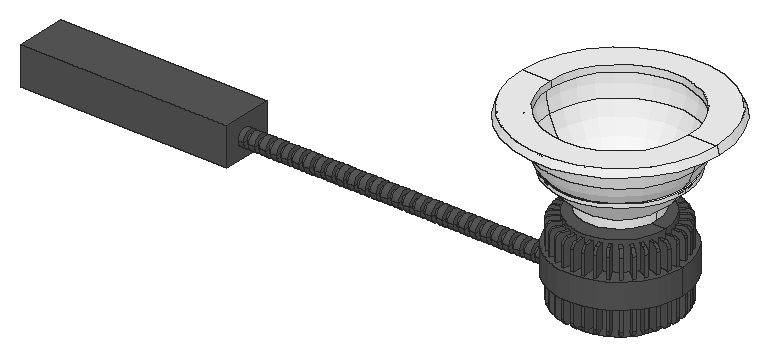
Revit family "LBRP-4RD", category Lighting Fixtures, host Face, Revit 2021
Family settings
  Host = Face
  Round Connector Dimension = Use Diameter
  Part Type = Normal
  OmniClass Number = 23.80.70.11.14.17
  OmniClass Title = Direct/Indirect
  Cut with Voids When Loaded = No
  Light Source = Yes
  Shared = Yes
  Room Calculation Point = No
Parameters (values of type "LBRP-4RD")
  Heat Sink = Black
  A = 4.15"
  Wattage = 9.6 W
  Warranty = "5-Years Warranty"
  built-in parameter 1150110 = 1 (stored number, unit not read)
  Voltage = 120 V
  D = 5.35"
  C = 0.20"
  built-in parameter 1114217 = 1 (stored number, unit not read)
  Tilt Angle = -90.00°
  built-in parameter 1150109 = 1 (stored number, unit not read)
  built-in parameter 1150134 = (empty or 0)
  built-in parameter 1150113 = 1 (stored number, unit not read)
  Product Documentation Link = ""
  Power Factor = 0.9
  Photometric Web Link = ""
  Photometric Web File = "LBRP-M-LSSLCS9_LBRP-4RD-T-D_3000K_800lm.IES"
  Photometric Notes = "More IES files download on Photometric Web Link"  # constant formula
  zz Length 1 = 48.00"
  Wattage Comments = " 8.2 - 11.5 W"  # constant formula
  URL = "https://www.currentlighting.com/prescolite"
  Product Page URL = ""
  Model = "LBRP"  # constant formula
  Manufacturer = "Prescolite Lighting"  # constant formula
  built-in parameter 1150105 = 66.463 (stored number, unit not read)
  Lumens = 835.2 lm
  built-in parameter 1150115 = 1 (stored number, unit not read)
  Load Classification = Lighting
  built-in parameter 1150137 = (empty or 0)
  built-in parameter 1150139 = (empty or 0)
  built-in parameter 1150112 = 1 (stored number, unit not read)
  built-in parameter 1150114 = 1 (stored number, unit not read)
  Lamp = "LED's"  # constant formula
  built-in parameter 1150132 = (empty or 0)
  built-in parameter 1150102 = (empty or 0)
  built-in parameter 1150107 = 3500 (stored number, unit not read)
  built-in parameter 1150138 = (empty or 0)
  built-in parameter 1150106 = 0.66463 (stored number, unit not read)
  Glass = White Glass
  Emit from Circle Diameter = A - 1.50"  # 2.65"
  Emit Shape Visible in Rendering = no
  built-in parameter 1150104 = 8.0826 (stored number, unit not read)
  Dimming Lamp Color Temperature Shift = <None>
  Description = "PRO CANLESS DIRECT INSTALL DOWNLIGHT\r"  # constant formula
  Default Elevation = 48.00"
  Contact Us = ""
  Color Filter = 16777215
  built-in parameter 1114218 = 1 (stored number, unit not read)
  Housing Material = Paint - Matte White
  B = 6.00"
  built-in parameter 1150133 = 10 (stored number, unit not read)
  Assembly Code = "D5020200"
  Apparent Load = 11.5 VA
Reference planes (in)
  plane 1 "Center (Front/Back)": y = 13.01342
  plane 2: z = 0
  plane 3 "Center (Left/Right)": x = 0
  plane 4: z = 0.2
  plane 5: z = -5.15
  plane 6: x = 3
  plane 7: x = -3
  plane 8: x = -2.075
  plane 9: x = 2.075
Forms (in)
  Revolve 1, solid, material "Paint - Matte White" <- "Housing Material"
    sketch origin (0, 13.01342, 0) x (1, 0, 0) y (0, 0, 1)
      loop
        arc (2.23317, 0) -> (2.19501, -0.35822) -> (2.10787, -0.70778) r 2.60995
        arc (2.10787, -0.70778) -> (1.68439, -1.50664) -> (1.01374, -2.11307) r 2.60995
        line (1.01374, -2.11307) -> (1.01374, -2.31765) -> (0.76374, -2.31765) -> (0.76374, -2.43481) -> (0, -2.43481) -> (0, -2.55197) -> (0.86374, -2.55197) -> (0.86374, -2.41765) -> (1.11374, -2.41765) -> (1.11374, -2.16765)
        arc (1.11374, -2.16765) -> (1.54124, -1.81947) -> (1.88942, -1.39198) r 2.70995
        line (1.88942, -1.39198) -> (1.95678, -1.39198) -> (1.95678, -1.2841) -> (1.90063, -1.2841)
        arc (1.90063, -1.2841) -> (2.07819, -1.02597) -> (2.203, -0.73861) r 1.62762
        arc (2.203, -0.73861) -> (2.2938, -0.37383) -> (2.33324, 0) r 2.70995
        line (2.33324, 0) -> (2.23317, 0)
      axis (0, 0) -> (0, -2.55197)
    angle from 0 to 360
  Revolve 2, solid, material "Paint - Matte White" <- "Housing Material"
    sketch origin (0, 13.01342, 0) x (1, 0, 0) y (0, 0, 1)
      loop
        line (2.075, 0.2) -> (2.075, 0) -> (3, 0) -> (2.90674, 0.2) -> (2.075, 0.2)
      axis (0, 0.2) -> (0, 0)
    angle from 0 to 360
  Revolve 3, solid, material "Black" <- "Heat Sink"
    sketch origin (0, 13.01342, 0) x (1, 0, 0) y (0, 0, 1)
      loop
        line (1.38083, -2.55197) -> (0.86374, -2.55197) -> (0, -2.55197) -> (0, -5.15) -> (1.38083, -5.15) -> (1.38083, -4.16486) -> (1.88083, -4.16486) -> (1.88083, -3.41486) -> (1.38083, -3.41486) -> (1.38083, -2.55197)
      axis (0, -2.55197) -> (0, -5.15)
    angle from 0 to 360
  Extrusion 4, solid, material "Black" <- "Heat Sink"
    sketch origin (0, 13.01342, 0) x (1, 0, 0) y (0, 0, 1)
      loop
        line (1.38083, -3.41486) -> (1.75583, -3.41486) -> (1.75583, -2.82939)
        arc (1.75583, -2.82939) -> (1.70764, -2.71305) -> (1.5913, -2.66486) r 0.16453
        line (1.5913, -2.66486) -> (1.38083, -2.66486) -> (1.38083, -3.41486)
      loop
        line (1.38083, -4.16434) -> (1.38083, -4.97684) -> (1.5913, -4.97684)
        arc (1.5913, -4.97684) -> (1.70764, -4.92865) -> (1.75583, -4.81231) r 0.16453
        line (1.75583, -4.81231) -> (1.75583, -4.16434) -> (1.38083, -4.16434)
    from -0.0248 to 0.04965
  Extrusion 5, solid, material "Black" <- "Heat Sink"
    sketch origin (0, 13.01342, 0) x (0.984808, -0.173648, 0) y (0, 0, 1)
      loop
        line (1.38083, -3.41486) -> (1.75583, -3.41486) -> (1.75583, -2.82939)
        arc (1.75583, -2.82939) -> (1.70764, -2.71305) -> (1.5913, -2.66486) r 0.16453
        line (1.5913, -2.66486) -> (1.38083, -2.66486) -> (1.38083, -3.41486)
      loop
        line (1.38083, -4.16434) -> (1.38083, -4.97684) -> (1.5913, -4.97684)
        arc (1.5913, -4.97684) -> (1.70764, -4.92865) -> (1.75583, -4.81231) r 0.16453
        line (1.75583, -4.81231) -> (1.75583, -4.16434) -> (1.38083, -4.16434)
    from -0.0248 to 0.04965
  Extrusion 6, solid, material "Black" <- "Heat Sink"
    sketch origin (0, 13.01342, 0) x (0.939693, -0.34202, 0) y (0, 0, 1)
      loop
        line (1.38083, -3.41486) -> (1.75583, -3.41486) -> (1.75583, -2.82939)
        arc (1.75583, -2.82939) -> (1.70764, -2.71305) -> (1.5913, -2.66486) r 0.16453
        line (1.5913, -2.66486) -> (1.38083, -2.66486) -> (1.38083, -3.41486)
      loop
        line (1.38083, -4.16434) -> (1.38083, -4.97684) -> (1.5913, -4.97684)
        arc (1.5913, -4.97684) -> (1.70764, -4.92865) -> (1.75583, -4.81231) r 0.16453
        line (1.75583, -4.81231) -> (1.75583, -4.16434) -> (1.38083, -4.16434)
    from -0.0248 to 0.04965
  Extrusion 7, solid, material "Black" <- "Heat Sink"
    sketch origin (0, 13.01342, 0) x (0.866025, -0.5, 0) y (0, 0, 1)
      loop
        line (1.38083, -3.41486) -> (1.75583, -3.41486) -> (1.75583, -2.82939)
        arc (1.75583, -2.82939) -> (1.70764, -2.71305) -> (1.5913, -2.66486) r 0.16453
        line (1.5913, -2.66486) -> (1.38083, -2.66486) -> (1.38083, -3.41486)
      loop
        line (1.38083, -4.16434) -> (1.38083, -4.97684) -> (1.5913, -4.97684)
        arc (1.5913, -4.97684) -> (1.70764, -4.92865) -> (1.75583, -4.81231) r 0.16453
        line (1.75583, -4.81231) -> (1.75583, -4.16434) -> (1.38083, -4.16434)
    from -0.0248 to 0.04965
  Extrusion 8, solid, material "Black" <- "Heat Sink"
    sketch origin (0, 13.01342, 0) x (0.766044, -0.642788, 0) y (0, 0, 1)
      loop
        line (1.38083, -3.41486) -> (1.75583, -3.41486) -> (1.75583, -2.82939)
        arc (1.75583, -2.82939) -> (1.70764, -2.71305) -> (1.5913, -2.66486) r 0.16453
        line (1.5913, -2.66486) -> (1.38083, -2.66486) -> (1.38083, -3.41486)
      loop
        line (1.38083, -4.16434) -> (1.38083, -4.97684) -> (1.5913, -4.97684)
        arc (1.5913, -4.97684) -> (1.70764, -4.92865) -> (1.75583, -4.81231) r 0.16453
        line (1.75583, -4.81231) -> (1.75583, -4.16434) -> (1.38083, -4.16434)
    from -0.0248 to 0.04965
  Extrusion 9, solid, material "Black" <- "Heat Sink"
    sketch origin (0, 13.01342, 0) x (0.642788, -0.766044, 0) y (0, 0, 1)
      loop
        line (1.38083, -3.41486) -> (1.75583, -3.41486) -> (1.75583, -2.82939)
        arc (1.75583, -2.82939) -> (1.70764, -2.71305) -> (1.5913, -2.66486) r 0.16453
        line (1.5913, -2.66486) -> (1.38083, -2.66486) -> (1.38083, -3.41486)
      loop
        line (1.38083, -4.16434) -> (1.38083, -4.97684) -> (1.5913, -4.97684)
        arc (1.5913, -4.97684) -> (1.70764, -4.92865) -> (1.75583, -4.81231) r 0.16453
        line (1.75583, -4.81231) -> (1.75583, -4.16434) -> (1.38083, -4.16434)
    from -0.0248 to 0.04965
  Extrusion 10, solid, material "Black" <- "Heat Sink"
    sketch origin (0, 13.01342, 0) x (0.5, -0.866025, 0) y (0, 0, 1)
      loop
        line (1.38083, -3.41486) -> (1.75583, -3.41486) -> (1.75583, -2.82939)
        arc (1.75583, -2.82939) -> (1.70764, -2.71305) -> (1.5913, -2.66486) r 0.16453
        line (1.5913, -2.66486) -> (1.38083, -2.66486) -> (1.38083, -3.41486)
      loop
        line (1.38083, -4.16434) -> (1.38083, -4.97684) -> (1.5913, -4.97684)
        arc (1.5913, -4.97684) -> (1.70764, -4.92865) -> (1.75583, -4.81231) r 0.16453
        line (1.75583, -4.81231) -> (1.75583, -4.16434) -> (1.38083, -4.16434)
    from -0.0248 to 0.04965
  Extrusion 11, solid, material "Black" <- "Heat Sink"
    sketch origin (0, 13.01342, 0) x (0.34202, -0.939693, 0) y (0, 0, 1)
      loop
        line (1.38083, -3.41486) -> (1.75583, -3.41486) -> (1.75583, -2.82939)
        arc (1.75583, -2.82939) -> (1.70764, -2.71305) -> (1.5913, -2.66486) r 0.16453
        line (1.5913, -2.66486) -> (1.38083, -2.66486) -> (1.38083, -3.41486)
      loop
        line (1.38083, -4.16434) -> (1.38083, -4.97684) -> (1.5913, -4.97684)
        arc (1.5913, -4.97684) -> (1.70764, -4.92865) -> (1.75583, -4.81231) r 0.16453
        line (1.75583, -4.81231) -> (1.75583, -4.16434) -> (1.38083, -4.16434)
    from -0.0248 to 0.04965
  Extrusion 12, solid, material "Black" <- "Heat Sink"
    sketch origin (0, 13.01342, 0) x (0.173648, -0.984808, 0) y (0, 0, 1)
      loop
        line (1.38083, -3.41486) -> (1.75583, -3.41486) -> (1.75583, -2.82939)
        arc (1.75583, -2.82939) -> (1.70764, -2.71305) -> (1.5913, -2.66486) r 0.16453
        line (1.5913, -2.66486) -> (1.38083, -2.66486) -> (1.38083, -3.41486)
      loop
        line (1.38083, -4.16434) -> (1.38083, -4.97684) -> (1.5913, -4.97684)
        arc (1.5913, -4.97684) -> (1.70764, -4.92865) -> (1.75583, -4.81231) r 0.16453
        line (1.75583, -4.81231) -> (1.75583, -4.16434) -> (1.38083, -4.16434)
    from -0.0248 to 0.04965
  Extrusion 13, solid, material "Black" <- "Heat Sink"
    sketch origin (0, 13.01342, 0) x (0, -1, 0) y (0, 0, 1)
      loop
        line (1.38083, -3.41486) -> (1.75583, -3.41486) -> (1.75583, -2.82939)
        arc (1.75583, -2.82939) -> (1.70764, -2.71305) -> (1.5913, -2.66486) r 0.16453
        line (1.5913, -2.66486) -> (1.38083, -2.66486) -> (1.38083, -3.41486)
      loop
        line (1.38083, -4.16434) -> (1.38083, -4.97684) -> (1.5913, -4.97684)
        arc (1.5913, -4.97684) -> (1.70764, -4.92865) -> (1.75583, -4.81231) r 0.16453
        line (1.75583, -4.81231) -> (1.75583, -4.16434) -> (1.38083, -4.16434)
    from -0.0248 to 0.04965
  Extrusion 14, solid, material "Black" <- "Heat Sink"
    sketch origin (0, 13.01342, 0) x (-0.173648, -0.984808, 0) y (0, 0, 1)
      loop
        line (1.38083, -3.41486) -> (1.75583, -3.41486) -> (1.75583, -2.82939)
        arc (1.75583, -2.82939) -> (1.70764, -2.71305) -> (1.5913, -2.66486) r 0.16453
        line (1.5913, -2.66486) -> (1.38083, -2.66486) -> (1.38083, -3.41486)
      loop
        line (1.38083, -4.16434) -> (1.38083, -4.97684) -> (1.5913, -4.97684)
        arc (1.5913, -4.97684) -> (1.70764, -4.92865) -> (1.75583, -4.81231) r 0.16453
        line (1.75583, -4.81231) -> (1.75583, -4.16434) -> (1.38083, -4.16434)
    from -0.0248 to 0.04965
  Extrusion 15, solid, material "Black" <- "Heat Sink"
    sketch origin (0, 13.01342, 0) x (-0.34202, -0.939693, 0) y (0, 0, 1)
      loop
        line (1.38083, -3.41486) -> (1.75583, -3.41486) -> (1.75583, -2.82939)
        arc (1.75583, -2.82939) -> (1.70764, -2.71305) -> (1.5913, -2.66486) r 0.16453
        line (1.5913, -2.66486) -> (1.38083, -2.66486) -> (1.38083, -3.41486)
      loop
        line (1.38083, -4.16434) -> (1.38083, -4.97684) -> (1.5913, -4.97684)
        arc (1.5913, -4.97684) -> (1.70764, -4.92865) -> (1.75583, -4.81231) r 0.16453
        line (1.75583, -4.81231) -> (1.75583, -4.16434) -> (1.38083, -4.16434)
    from -0.0248 to 0.04965
  Extrusion 16, solid, material "Black" <- "Heat Sink"
    sketch origin (0, 13.01342, 0) x (-0.5, -0.866025, 0) y (0, 0, 1)
      loop
        line (1.38083, -3.41486) -> (1.75583, -3.41486) -> (1.75583, -2.82939)
        arc (1.75583, -2.82939) -> (1.70764, -2.71305) -> (1.5913, -2.66486) r 0.16453
        line (1.5913, -2.66486) -> (1.38083, -2.66486) -> (1.38083, -3.41486)
      loop
        line (1.38083, -4.16434) -> (1.38083, -4.97684) -> (1.5913, -4.97684)
        arc (1.5913, -4.97684) -> (1.70764, -4.92865) -> (1.75583, -4.81231) r 0.16453
        line (1.75583, -4.81231) -> (1.75583, -4.16434) -> (1.38083, -4.16434)
    from -0.0248 to 0.04965
  Extrusion 17, solid, material "Black" <- "Heat Sink"
    sketch origin (0, 13.01342, 0) x (-0.642788, -0.766044, 0) y (0, 0, 1)
      loop
        line (1.38083, -3.41486) -> (1.75583, -3.41486) -> (1.75583, -2.82939)
        arc (1.75583, -2.82939) -> (1.70764, -2.71305) -> (1.5913, -2.66486) r 0.16453
        line (1.5913, -2.66486) -> (1.38083, -2.66486) -> (1.38083, -3.41486)
      loop
        line (1.38083, -4.16434) -> (1.38083, -4.97684) -> (1.5913, -4.97684)
        arc (1.5913, -4.97684) -> (1.70764, -4.92865) -> (1.75583, -4.81231) r 0.16453
        line (1.75583, -4.81231) -> (1.75583, -4.16434) -> (1.38083, -4.16434)
    from -0.0248 to 0.04965
  Extrusion 18, solid, material "Black" <- "Heat Sink"
    sketch origin (0, 13.01342, 0) x (-0.766044, -0.642788, 0) y (0, 0, 1)
      loop
        line (1.38083, -3.41486) -> (1.75583, -3.41486) -> (1.75583, -2.82939)
        arc (1.75583, -2.82939) -> (1.70764, -2.71305) -> (1.5913, -2.66486) r 0.16453
        line (1.5913, -2.66486) -> (1.38083, -2.66486) -> (1.38083, -3.41486)
      loop
        line (1.38083, -4.16434) -> (1.38083, -4.97684) -> (1.5913, -4.97684)
        arc (1.5913, -4.97684) -> (1.70764, -4.92865) -> (1.75583, -4.81231) r 0.16453
        line (1.75583, -4.81231) -> (1.75583, -4.16434) -> (1.38083, -4.16434)
    from -0.0248 to 0.04965
  Extrusion 19, solid, material "Black" <- "Heat Sink"
    sketch origin (0, 13.01342, 0) x (-0.866025, -0.5, 0) y (0, 0, 1)
      loop
        line (1.38083, -3.41486) -> (1.75583, -3.41486) -> (1.75583, -2.82939)
        arc (1.75583, -2.82939) -> (1.70764, -2.71305) -> (1.5913, -2.66486) r 0.16453
        line (1.5913, -2.66486) -> (1.38083, -2.66486) -> (1.38083, -3.41486)
      loop
        line (1.38083, -4.16434) -> (1.38083, -4.97684) -> (1.5913, -4.97684)
        arc (1.5913, -4.97684) -> (1.70764, -4.92865) -> (1.75583, -4.81231) r 0.16453
        line (1.75583, -4.81231) -> (1.75583, -4.16434) -> (1.38083, -4.16434)
    from -0.0248 to 0.04965
  Extrusion 20, solid, material "Black" <- "Heat Sink"
    sketch origin (0, 13.01342, 0) x (-1, 0, 0) y (0, 0, -1)
      loop
        line (1.38083, 3.41486) -> (1.38083, 2.66486) -> (1.5913, 2.66486)
        arc (1.5913, 2.66486) -> (1.70764, 2.71305) -> (1.75583, 2.82939) r 0.16453
        line (1.75583, 2.82939) -> (1.75583, 3.41486) -> (1.38083, 3.41486)
      loop
        line (1.38083, 4.16434) -> (1.75583, 4.16434) -> (1.75583, 4.81231)
        arc (1.75583, 4.81231) -> (1.70764, 4.92865) -> (1.5913, 4.97684) r 0.16453
        line (1.5913, 4.97684) -> (1.38083, 4.97684) -> (1.38083, 4.16434)
    from -0.0248 to 0.04965
  Extrusion 21, solid, material "Black" <- "Heat Sink"
    sketch origin (0, 13.01342, 0) x (-0.984808, -0.173648, 0) y (0, 0, -1)
      loop
        line (1.38083, 3.41486) -> (1.38083, 2.66486) -> (1.5913, 2.66486)
        arc (1.5913, 2.66486) -> (1.70764, 2.71305) -> (1.75583, 2.82939) r 0.16453
        line (1.75583, 2.82939) -> (1.75583, 3.41486) -> (1.38083, 3.41486)
      loop
        line (1.38083, 4.16434) -> (1.75583, 4.16434) -> (1.75583, 4.81231)
        arc (1.75583, 4.81231) -> (1.70764, 4.92865) -> (1.5913, 4.97684) r 0.16453
        line (1.5913, 4.97684) -> (1.38083, 4.97684) -> (1.38083, 4.16434)
    from -0.0248 to 0.04965
  Extrusion 22, solid, material "Black" <- "Heat Sink"
    sketch origin (0, 13.01342, 0) x (-0.939693, -0.34202, 0) y (0, 0, -1)
      loop
        line (1.38083, 3.41486) -> (1.38083, 2.66486) -> (1.5913, 2.66486)
        arc (1.5913, 2.66486) -> (1.70764, 2.71305) -> (1.75583, 2.82939) r 0.16453
        line (1.75583, 2.82939) -> (1.75583, 3.41486) -> (1.38083, 3.41486)
      loop
        line (1.38083, 4.16434) -> (1.75583, 4.16434) -> (1.75583, 4.81231)
        arc (1.75583, 4.81231) -> (1.70764, 4.92865) -> (1.5913, 4.97684) r 0.16453
        line (1.5913, 4.97684) -> (1.38083, 4.97684) -> (1.38083, 4.16434)
    from -0.0248 to 0.04965
  Extrusion 23, solid, material "Black" <- "Heat Sink"
    sketch origin (0, 13.01342, 0) x (0.984808, 0.173648, 0) y (0, 0, -1)
      loop
        line (1.38083, 3.41486) -> (1.38083, 2.66486) -> (1.5913, 2.66486)
        arc (1.5913, 2.66486) -> (1.70764, 2.71305) -> (1.75583, 2.82939) r 0.16453
        line (1.75583, 2.82939) -> (1.75583, 3.41486) -> (1.38083, 3.41486)
      loop
        line (1.38083, 4.16434) -> (1.75583, 4.16434) -> (1.75583, 4.81231)
        arc (1.75583, 4.81231) -> (1.70764, 4.92865) -> (1.5913, 4.97684) r 0.16453
        line (1.5913, 4.97684) -> (1.38083, 4.97684) -> (1.38083, 4.16434)
    from -0.0248 to 0.04965
  Extrusion 24, solid, material "Black" <- "Heat Sink"
    sketch origin (0, 13.01342, 0) x (0.939693, 0.34202, 0) y (0, 0, -1)
      loop
        line (1.38083, 3.41486) -> (1.38083, 2.66486) -> (1.5913, 2.66486)
        arc (1.5913, 2.66486) -> (1.70764, 2.71305) -> (1.75583, 2.82939) r 0.16453
        line (1.75583, 2.82939) -> (1.75583, 3.41486) -> (1.38083, 3.41486)
      loop
        line (1.38083, 4.16434) -> (1.75583, 4.16434) -> (1.75583, 4.81231)
        arc (1.75583, 4.81231) -> (1.70764, 4.92865) -> (1.5913, 4.97684) r 0.16453
        line (1.5913, 4.97684) -> (1.38083, 4.97684) -> (1.38083, 4.16434)
    from -0.0248 to 0.04965
  Extrusion 25, solid, material "Black" <- "Heat Sink"
    sketch origin (0, 13.01342, 0) x (0.866025, 0.5, 0) y (0, 0, -1)
      loop
        line (1.38083, 3.41486) -> (1.38083, 2.66486) -> (1.5913, 2.66486)
        arc (1.5913, 2.66486) -> (1.70764, 2.71305) -> (1.75583, 2.82939) r 0.16453
        line (1.75583, 2.82939) -> (1.75583, 3.41486) -> (1.38083, 3.41486)
      loop
        line (1.38083, 4.16434) -> (1.75583, 4.16434) -> (1.75583, 4.81231)
        arc (1.75583, 4.81231) -> (1.70764, 4.92865) -> (1.5913, 4.97684) r 0.16453
        line (1.5913, 4.97684) -> (1.38083, 4.97684) -> (1.38083, 4.16434)
    from -0.0248 to 0.04965
  Extrusion 26, solid, material "Black" <- "Heat Sink"
    sketch origin (0, 13.01342, 0) x (0.766044, 0.642788, 0) y (0, 0, -1)
      loop
        line (1.38083, 3.41486) -> (1.38083, 2.66486) -> (1.5913, 2.66486)
        arc (1.5913, 2.66486) -> (1.70764, 2.71305) -> (1.75583, 2.82939) r 0.16453
        line (1.75583, 2.82939) -> (1.75583, 3.41486) -> (1.38083, 3.41486)
      loop
        line (1.38083, 4.16434) -> (1.75583, 4.16434) -> (1.75583, 4.81231)
        arc (1.75583, 4.81231) -> (1.70764, 4.92865) -> (1.5913, 4.97684) r 0.16453
        line (1.5913, 4.97684) -> (1.38083, 4.97684) -> (1.38083, 4.16434)
    from -0.0248 to 0.04965
  Extrusion 27, solid, material "Black" <- "Heat Sink"
    sketch origin (0, 13.01342, 0) x (0.642788, 0.766044, 0) y (0, 0, -1)
      loop
        line (1.38083, 3.41486) -> (1.38083, 2.66486) -> (1.5913, 2.66486)
        arc (1.5913, 2.66486) -> (1.70764, 2.71305) -> (1.75583, 2.82939) r 0.16453
        line (1.75583, 2.82939) -> (1.75583, 3.41486) -> (1.38083, 3.41486)
      loop
        line (1.38083, 4.16434) -> (1.75583, 4.16434) -> (1.75583, 4.81231)
        arc (1.75583, 4.81231) -> (1.70764, 4.92865) -> (1.5913, 4.97684) r 0.16453
        line (1.5913, 4.97684) -> (1.38083, 4.97684) -> (1.38083, 4.16434)
    from -0.0248 to 0.04965
  Extrusion 28, solid, material "Black" <- "Heat Sink"
    sketch origin (0, 13.01342, 0) x (0.5, 0.866025, 0) y (0, 0, -1)
      loop
        line (1.38083, 3.41486) -> (1.38083, 2.66486) -> (1.5913, 2.66486)
        arc (1.5913, 2.66486) -> (1.70764, 2.71305) -> (1.75583, 2.82939) r 0.16453
        line (1.75583, 2.82939) -> (1.75583, 3.41486) -> (1.38083, 3.41486)
      loop
        line (1.38083, 4.16434) -> (1.75583, 4.16434) -> (1.75583, 4.81231)
        arc (1.75583, 4.81231) -> (1.70764, 4.92865) -> (1.5913, 4.97684) r 0.16453
        line (1.5913, 4.97684) -> (1.38083, 4.97684) -> (1.38083, 4.16434)
    from -0.0248 to 0.04965
  Extrusion 29, solid, material "Black" <- "Heat Sink"
    sketch origin (0, 13.01342, 0) x (0.34202, 0.939693, 0) y (0, 0, -1)
      loop
        line (1.38083, 3.41486) -> (1.38083, 2.66486) -> (1.5913, 2.66486)
        arc (1.5913, 2.66486) -> (1.70764, 2.71305) -> (1.75583, 2.82939) r 0.16453
        line (1.75583, 2.82939) -> (1.75583, 3.41486) -> (1.38083, 3.41486)
      loop
        line (1.38083, 4.16434) -> (1.75583, 4.16434) -> (1.75583, 4.81231)
        arc (1.75583, 4.81231) -> (1.70764, 4.92865) -> (1.5913, 4.97684) r 0.16453
        line (1.5913, 4.97684) -> (1.38083, 4.97684) -> (1.38083, 4.16434)
    from -0.0248 to 0.04965
  Extrusion 30, solid, material "Black" <- "Heat Sink"
    sketch origin (0, 13.01342, 0) x (0.173648, 0.984808, 0) y (0, 0, -1)
      loop
        line (1.38083, 3.41486) -> (1.38083, 2.66486) -> (1.5913, 2.66486)
        arc (1.5913, 2.66486) -> (1.70764, 2.71305) -> (1.75583, 2.82939) r 0.16453
        line (1.75583, 2.82939) -> (1.75583, 3.41486) -> (1.38083, 3.41486)
      loop
        line (1.38083, 4.16434) -> (1.75583, 4.16434) -> (1.75583, 4.81231)
        arc (1.75583, 4.81231) -> (1.70764, 4.92865) -> (1.5913, 4.97684) r 0.16453
        line (1.5913, 4.97684) -> (1.38083, 4.97684) -> (1.38083, 4.16434)
    from -0.0248 to 0.04965
  Extrusion 31, solid, material "Black" <- "Heat Sink"
    sketch origin (0, 13.01342, 0) x (0, 1, 0) y (0, 0, -1)
      loop
        line (1.38083, 3.41486) -> (1.38083, 2.66486) -> (1.5913, 2.66486)
        arc (1.5913, 2.66486) -> (1.70764, 2.71305) -> (1.75583, 2.82939) r 0.16453
        line (1.75583, 2.82939) -> (1.75583, 3.41486) -> (1.38083, 3.41486)
      loop
        line (1.38083, 4.16434) -> (1.75583, 4.16434) -> (1.75583, 4.81231)
        arc (1.75583, 4.81231) -> (1.70764, 4.92865) -> (1.5913, 4.97684) r 0.16453
        line (1.5913, 4.97684) -> (1.38083, 4.97684) -> (1.38083, 4.16434)
    from -0.0248 to 0.04965
  Extrusion 32, solid, material "Black" <- "Heat Sink"
    sketch origin (0, 13.01342, 0) x (-0.173648, 0.984808, 0) y (0, 0, -1)
      loop
        line (1.38083, 3.41486) -> (1.38083, 2.66486) -> (1.5913, 2.66486)
        arc (1.5913, 2.66486) -> (1.70764, 2.71305) -> (1.75583, 2.82939) r 0.16453
        line (1.75583, 2.82939) -> (1.75583, 3.41486) -> (1.38083, 3.41486)
      loop
        line (1.38083, 4.16434) -> (1.75583, 4.16434) -> (1.75583, 4.81231)
        arc (1.75583, 4.81231) -> (1.70764, 4.92865) -> (1.5913, 4.97684) r 0.16453
        line (1.5913, 4.97684) -> (1.38083, 4.97684) -> (1.38083, 4.16434)
    from -0.0248 to 0.04965
  Extrusion 33, solid, material "Black" <- "Heat Sink"
    sketch origin (0, 13.01342, 0) x (-0.34202, 0.939693, 0) y (0, 0, -1)
      loop
        line (1.38083, 3.41486) -> (1.38083, 2.66486) -> (1.5913, 2.66486)
        arc (1.5913, 2.66486) -> (1.70764, 2.71305) -> (1.75583, 2.82939) r 0.16453
        line (1.75583, 2.82939) -> (1.75583, 3.41486) -> (1.38083, 3.41486)
      loop
        line (1.38083, 4.16434) -> (1.75583, 4.16434) -> (1.75583, 4.81231)
        arc (1.75583, 4.81231) -> (1.70764, 4.92865) -> (1.5913, 4.97684) r 0.16453
        line (1.5913, 4.97684) -> (1.38083, 4.97684) -> (1.38083, 4.16434)
    from -0.0248 to 0.04965
  Extrusion 34, solid, material "Black" <- "Heat Sink"
    sketch origin (0, 13.01342, 0) x (-0.5, 0.866025, 0) y (0, 0, -1)
      loop
        line (1.38083, 3.41486) -> (1.38083, 2.66486) -> (1.5913, 2.66486)
        arc (1.5913, 2.66486) -> (1.70764, 2.71305) -> (1.75583, 2.82939) r 0.16453
        line (1.75583, 2.82939) -> (1.75583, 3.41486) -> (1.38083, 3.41486)
      loop
        line (1.38083, 4.16434) -> (1.75583, 4.16434) -> (1.75583, 4.81231)
        arc (1.75583, 4.81231) -> (1.70764, 4.92865) -> (1.5913, 4.97684) r 0.16453
        line (1.5913, 4.97684) -> (1.38083, 4.97684) -> (1.38083, 4.16434)
    from -0.0248 to 0.04965
  Extrusion 35, solid, material "Black" <- "Heat Sink"
    sketch origin (0, 13.01342, 0) x (-0.642788, 0.766044, 0) y (0, 0, -1)
      loop
        line (1.38083, 3.41486) -> (1.38083, 2.66486) -> (1.5913, 2.66486)
        arc (1.5913, 2.66486) -> (1.70764, 2.71305) -> (1.75583, 2.82939) r 0.16453
        line (1.75583, 2.82939) -> (1.75583, 3.41486) -> (1.38083, 3.41486)
      loop
        line (1.38083, 4.16434) -> (1.75583, 4.16434) -> (1.75583, 4.81231)
        arc (1.75583, 4.81231) -> (1.70764, 4.92865) -> (1.5913, 4.97684) r 0.16453
        line (1.5913, 4.97684) -> (1.38083, 4.97684) -> (1.38083, 4.16434)
    from -0.0248 to 0.04965
  Extrusion 36, solid, material "Black" <- "Heat Sink"
    sketch origin (0, 13.01342, 0) x (-0.766044, 0.642788, 0) y (0, 0, -1)
      loop
        line (1.38083, 3.41486) -> (1.38083, 2.66486) -> (1.5913, 2.66486)
        arc (1.5913, 2.66486) -> (1.70764, 2.71305) -> (1.75583, 2.82939) r 0.16453
        line (1.75583, 2.82939) -> (1.75583, 3.41486) -> (1.38083, 3.41486)
      loop
        line (1.38083, 4.16434) -> (1.75583, 4.16434) -> (1.75583, 4.81231)
        arc (1.75583, 4.81231) -> (1.70764, 4.92865) -> (1.5913, 4.97684) r 0.16453
        line (1.5913, 4.97684) -> (1.38083, 4.97684) -> (1.38083, 4.16434)
    from -0.0248 to 0.04965
  Extrusion 37, solid, material "Black" <- "Heat Sink"
    sketch origin (0, 13.01342, 0) x (-0.866025, 0.5, 0) y (0, 0, -1)
      loop
        line (1.38083, 3.41486) -> (1.38083, 2.66486) -> (1.5913, 2.66486)
        arc (1.5913, 2.66486) -> (1.70764, 2.71305) -> (1.75583, 2.82939) r 0.16453
        line (1.75583, 2.82939) -> (1.75583, 3.41486) -> (1.38083, 3.41486)
      loop
        line (1.38083, 4.16434) -> (1.75583, 4.16434) -> (1.75583, 4.81231)
        arc (1.75583, 4.81231) -> (1.70764, 4.92865) -> (1.5913, 4.97684) r 0.16453
        line (1.5913, 4.97684) -> (1.38083, 4.97684) -> (1.38083, 4.16434)
    from -0.0248 to 0.04965
  Extrusion 38, solid, material "Black" <- "Heat Sink"
    sketch origin (0, 13.01342, 0) x (-0.984808, 0.173648, 0) y (0, 0, 1)
      loop
        line (1.38083, -3.41486) -> (1.75583, -3.41486) -> (1.75583, -2.82939)
        arc (1.75583, -2.82939) -> (1.70764, -2.71305) -> (1.5913, -2.66486) r 0.16453
        line (1.5913, -2.66486) -> (1.38083, -2.66486) -> (1.38083, -3.41486)
      loop
        line (1.38083, -4.16434) -> (1.38083, -4.97684) -> (1.5913, -4.97684)
        arc (1.5913, -4.97684) -> (1.70764, -4.92865) -> (1.75583, -4.81231) r 0.16453
        line (1.75583, -4.81231) -> (1.75583, -4.16434) -> (1.38083, -4.16434)
    from -0.0248 to 0.04965
  Extrusion 39, solid, material "Black" <- "Heat Sink"
    sketch origin (0, 13.01342, 0) x (-0.939693, 0.34202, 0) y (0, 0, 1)
      loop
        line (1.38083, -3.41486) -> (1.75583, -3.41486) -> (1.75583, -2.82939)
        arc (1.75583, -2.82939) -> (1.70764, -2.71305) -> (1.5913, -2.66486) r 0.16453
        line (1.5913, -2.66486) -> (1.38083, -2.66486) -> (1.38083, -3.41486)
      loop
        line (1.38083, -4.16434) -> (1.38083, -4.97684) -> (1.5913, -4.97684)
        arc (1.5913, -4.97684) -> (1.70764, -4.92865) -> (1.75583, -4.81231) r 0.16453
        line (1.75583, -4.81231) -> (1.75583, -4.16434) -> (1.38083, -4.16434)
    from -0.0248 to 0.04965
  Revolve 40, solid, material "Black" <- "Heat Sink"
    sketch origin (1.1875, 0, -4.5) x (1, 0, 0) y (0, 1, 0)
      loop
        line (-12.40674, 13.01342) -> (-2.88494, 13.01342) -> (-2.88494, 13.16148) -> (-2.98144, 13.16148) -> (-2.98144, 13.26342) -> (-3.1692, 13.26342) -> (-3.1692, 13.16148) -> (-3.31136, 13.16148) -> (-3.31136, 13.26342) -> (-3.49911, 13.26342) -> (-3.49911, 13.16148) -> (-3.64127, 13.16148) -> (-3.64127, 13.26342) -> (-3.82902, 13.26342) -> (-3.82902, 13.16148) -> (-3.97118, 13.16148) -> (-3.97118, 13.26342) -> (-4.15894, 13.26342) -> (-4.15894, 13.16148) -> (-4.30109, 13.16148) -> (-4.30109, 13.26342) -> (-4.48885, 13.26342) -> (-4.48885, 13.16148) -> (-4.63101, 13.16148) -> (-4.63101, 13.26342) -> (-4.81876, 13.26342) -> (-4.81876, 13.16148) -> (-4.96092, 13.16148) -> (-4.96092, 13.26342) -> (-5.14867, 13.26342) -> (-5.14867, 13.16148) -> (-5.29083, 13.16148) -> (-5.29083, 13.26342) -> (-5.47859, 13.26342) -> (-5.47859, 13.16148) -> (-5.62074, 13.16148) -> (-5.62074, 13.26342) -> (-5.8085, 13.26342) -> (-5.8085, 13.16148) -> (-5.95065, 13.16148) -> (-5.95065, 13.26342) -> (-6.13841, 13.26342) -> (-6.13841, 13.16148) -> (-6.28057, 13.16148) -> (-6.28057, 13.26342) -> (-6.46832, 13.26342) -> (-6.46832, 13.16148) -> (-6.61048, 13.16148) -> (-6.61048, 13.26342) -> (-6.79823, 13.26342) -> (-6.79823, 13.16148) -> (-6.94039, 13.16148) -> (-6.94039, 13.26342) -> (-7.12815, 13.26342) -> (-7.12815, 13.16148) -> (-7.2703, 13.16148) -> (-7.2703, 13.26342) -> (-7.45806, 13.26342) -> (-7.45806, 13.16148) -> (-7.60021, 13.16148) -> (-7.60021, 13.26342) -> (-7.78797, 13.26342) -> (-7.78797, 13.16148) -> (-7.93013, 13.16148) -> (-7.93013, 13.26342) -> (-8.11788, 13.26342) -> (-8.11788, 13.16148) -> (-8.26004, 13.16148) -> (-8.26004, 13.26342) -> (-8.44779, 13.26342) -> (-8.44779, 13.16148) -> (-8.58995, 13.16148) -> (-8.58995, 13.26342) -> (-8.77771, 13.26342) -> (-8.77771, 13.16148) -> (-8.91986, 13.16148) -> (-8.91986, 13.26342) -> (-9.10762, 13.26342) -> (-9.10762, 13.16148) -> (-9.24977, 13.16148) -> (-9.24977, 13.26342) -> (-9.43753, 13.26342) -> (-9.43753, 13.16148) -> (-9.57969, 13.16148) -> (-9.57969, 13.26342) -> (-9.76744, 13.26342) -> (-9.76744, 13.16148) -> (-9.9096, 13.16148) -> (-9.9096, 13.26342) -> (-10.09735, 13.26342) -> (-10.09735, 13.16148) -> (-10.23951, 13.16148) -> (-10.23951, 13.26342) -> (-10.42727, 13.26342) -> (-10.42727, 13.16148) -> (-10.56942, 13.16148) -> (-10.56942, 13.26342) -> (-10.75718, 13.26342) -> (-10.75718, 13.16148) -> (-10.89933, 13.16148) -> (-10.89933, 13.26342) -> (-11.08709, 13.26342) -> (-11.08709, 13.16148) -> (-11.22925, 13.16148) -> (-11.22925, 13.26342) -> (-11.417, 13.26342) -> (-11.417, 13.16148) -> (-11.55916, 13.16148) -> (-11.55916, 13.26342) -> (-11.74691, 13.26342) -> (-11.74691, 13.16148) -> (-11.88907, 13.16148) -> (-11.88907, 13.26342) -> (-12.07683, 13.26342) -> (-12.07683, 13.16148) -> (-12.21898, 13.16148) -> (-12.21898, 13.26342) -> (-12.40674, 13.26342) -> (-12.40674, 13.01342)
      axis (-2.88494, 13.01342) -> (-12.40674, 13.01342)
    angle from 0 to 360
  Extrusion 41, solid, material "Black" <- "Heat Sink"
    sketch origin (1.23829, 0, -5.07) x (1, 0, 0) y (0, 1, 0)
      loop
        line (-12.45752, 13.86765) -> (-18.62752, 13.86765) -> (-18.62752, 12.36765) -> (-12.45752, 12.36765) -> (-12.45752, 13.86765)
    from 0 to 1.14
Dimensions and locks (in)
  "D": plane 4 to plane 5
  "C": plane 4 to plane 2
  equal spacing: plane 6, plane 3 "Center (Left/Right)", plane 7
  "B": plane 6 to plane 7
  equal spacing: plane 9, plane 3 "Center (Left/Right)", plane 8
  "A": plane 9 to plane 8
  aligned and locked: plane 2 to host face
  aligned and locked: level to host face
  aligned and locked: plane 3 "Center (Left/Right)" to imposter light
Automatic sketch dimensions
  host sketch curve to host sketch curve = 96.00"  (x2)
  Revolve 1 sketch curve to Revolve 1 sketch curve = 0.00"  (x12)
  Revolve 1 sketch curve to plane 3 "Center (Left/Right)" = 0.00"
  plane 3 "Center (Left/Right)" to Revolve 1 sketch curve = 0.00"
  Revolve 1 sketch curve to level = 0.00"
  level to Revolve 1 sketch curve = 0.09675"
  Revolve 1 sketch curve to plane 3 "Center (Left/Right)" = 0.37498"
  Revolve 1 sketch curve to level = 0.23688"
  plane 3 "Center (Left/Right)" to Revolve 1 sketch curve = 0.65464"
  plane 3 "Center (Left/Right)" to Revolve 1 sketch curve = 0.76374"
  Revolve 1 sketch curve to Revolve 1 sketch curve = 0.10"  (x3)
  Revolve 1 sketch curve to Revolve 1 sketch curve = 0.25"
  Revolve 1 sketch curve to plane 9 = 0.18558"
  Revolve 1 sketch curve to Revolve 1 sketch curve = 0.01121"
  Revolve 1 sketch curve to Revolve 1 sketch curve = 0.05614"
  plane 9 to Revolve 1 sketch curve = 0.15817"
  Revolve 1 sketch curve to Revolve 1 sketch curve = 0.10007"
  Revolve 1 sketch curve to Revolve 1 sketch curve = 0.05459"
  Revolve 1 sketch curve to Revolve 1 sketch curve = 0.15"
  Revolve 1 sketch curve to Revolve 1 sketch curve = 0.11716"
  Revolve 1 sketch curve to Revolve 1 sketch curve = 0.13432"
  Revolve 1 sketch curve to Revolve 1 sketch curve = 0.10788"
  plane 9 to Revolve 1 sketch curve = 0.03287"
  Revolve 1 sketch curve to plane 5 = 23.03"
  plane 4 to Revolve 1 sketch curve = 54.18668"
  plane 3 "Center (Left/Right)" to Revolve 2 sketch curve = 0.00"
  Revolve 2 sketch curve to plane 4 = 0.00"
  Revolve 2 sketch curve to plane 9 = 0.00"
  Revolve 2 sketch curve to level = 0.00"
  Revolve 2 sketch curve to plane 6 = 0.00"
  Revolve 2 sketch curve to plane 6 = 0.09326"
  Revolve 2 sketch curve to plane 5 = 19.15"
  plane 4 to Revolve 2 sketch curve = 55.32668"
  Revolve 3 sketch curve to plane 3 "Center (Left/Right)" = 0.00"  (x2)
  Revolve 3 sketch curve to plane 5 = 0.00"
  plane 3 "Center (Left/Right)" to Revolve 3 sketch curve = 0.86374"
  Revolve 3 sketch curve to plane 9 = 0.69417"  (x2)
  Revolve 3 sketch curve to plane 9 = 0.19417"
  Revolve 3 sketch curve to Revolve 3 sketch curve = 0.98514"
  Revolve 3 sketch curve to Revolve 3 sketch curve = 0.75"
  Revolve 3 sketch curve to Revolve 3 sketch curve = 0.86289"
  Revolve 3 sketch curve to plane 5 = 18.85"
  plane 4 to Revolve 3 sketch curve = 55.32668"
  Extrusion 4 sketch curve to plane 9 = 0.69417"  (x2)
  Extrusion 4 sketch curve to Extrusion 4 sketch curve = 0.21047"  (x2)
  Extrusion 4 sketch curve to Extrusion 4 sketch curve = 0.16453"
  Extrusion 4 sketch curve to plane 9 = 0.31917"
  plane 5 to Extrusion 4 sketch curve = 0.17316"
  Extrusion 4 sketch curve to Extrusion 4 sketch curve = 0.64797"
  Extrusion 4 sketch curve to Extrusion 4 sketch curve = 0.74948"
  Extrusion 4 sketch curve to Extrusion 4 sketch curve = 0.58547"
  plane 5 to Extrusion 5 sketch curve = 1.73514"
  Extrusion 5 sketch curve to Extrusion 5 sketch curve = 0.00"
  Extrusion 5 sketch curve to Extrusion 5 sketch curve = 0.21047"  (x2)
  Extrusion 5 sketch curve to Extrusion 5 sketch curve = 0.16453"
  Extrusion 5 sketch curve to Extrusion 5 sketch curve = 0.375"
  Extrusion 5 sketch curve to Extrusion 5 sketch curve = 0.74948"
  plane 5 to Extrusion 5 sketch curve = 0.33769"
  Extrusion 5 sketch curve to Extrusion 5 sketch curve = 0.58547"
  plane 5 to Extrusion 6 sketch curve = 1.73514"
  Extrusion 6 sketch curve to Extrusion 6 sketch curve = 0.00"
  Extrusion 6 sketch curve to Extrusion 6 sketch curve = 0.21047"  (x2)
  Extrusion 6 sketch curve to Extrusion 6 sketch curve = 0.16453"
  Extrusion 6 sketch curve to Extrusion 6 sketch curve = 0.375"
  Extrusion 6 sketch curve to Extrusion 6 sketch curve = 0.74948"
  plane 5 to Extrusion 6 sketch curve = 0.33769"
  Extrusion 6 sketch curve to Extrusion 6 sketch curve = 0.58547"
  plane 5 to Extrusion 7 sketch curve = 1.73514"
  Extrusion 7 sketch curve to Extrusion 7 sketch curve = 0.00"
  Extrusion 7 sketch curve to Extrusion 7 sketch curve = 0.21047"  (x2)
  Extrusion 7 sketch curve to Extrusion 7 sketch curve = 0.16453"
  Extrusion 7 sketch curve to Extrusion 7 sketch curve = 0.375"
  Extrusion 7 sketch curve to Extrusion 7 sketch curve = 0.74948"
  plane 5 to Extrusion 7 sketch curve = 0.33769"
  Extrusion 7 sketch curve to Extrusion 7 sketch curve = 0.58547"
  plane 5 to Extrusion 8 sketch curve = 1.73514"
  Extrusion 8 sketch curve to Extrusion 8 sketch curve = 0.00"
  Extrusion 8 sketch curve to Extrusion 8 sketch curve = 0.21047"  (x2)
  Extrusion 8 sketch curve to Extrusion 8 sketch curve = 0.16453"
  Extrusion 8 sketch curve to Extrusion 8 sketch curve = 0.375"
  Extrusion 8 sketch curve to Extrusion 8 sketch curve = 0.74948"
  plane 5 to Extrusion 8 sketch curve = 0.33769"
  Extrusion 8 sketch curve to Extrusion 8 sketch curve = 0.58547"
  plane 5 to Extrusion 9 sketch curve = 1.73514"
  Extrusion 9 sketch curve to Extrusion 9 sketch curve = 0.00"
  Extrusion 9 sketch curve to Extrusion 9 sketch curve = 0.21047"  (x2)
  Extrusion 9 sketch curve to Extrusion 9 sketch curve = 0.16453"
  Extrusion 9 sketch curve to Extrusion 9 sketch curve = 0.375"
  Extrusion 9 sketch curve to Extrusion 9 sketch curve = 0.74948"
  plane 5 to Extrusion 9 sketch curve = 0.33769"
  Extrusion 9 sketch curve to Extrusion 9 sketch curve = 0.58547"
  plane 5 to Extrusion 10 sketch curve = 1.73514"
  Extrusion 10 sketch curve to Extrusion 10 sketch curve = 0.00"
  Extrusion 10 sketch curve to Extrusion 10 sketch curve = 0.21047"  (x2)
  Extrusion 10 sketch curve to Extrusion 10 sketch curve = 0.16453"
  Extrusion 10 sketch curve to Extrusion 10 sketch curve = 0.375"
  Extrusion 10 sketch curve to Extrusion 10 sketch curve = 0.74948"
  plane 5 to Extrusion 10 sketch curve = 0.33769"
  Extrusion 10 sketch curve to Extrusion 10 sketch curve = 0.58547"
  plane 5 to Extrusion 11 sketch curve = 1.73514"
  Extrusion 11 sketch curve to Extrusion 11 sketch curve = 0.00"
  Extrusion 11 sketch curve to Extrusion 11 sketch curve = 0.21047"  (x2)
  Extrusion 11 sketch curve to Extrusion 11 sketch curve = 0.16453"
  Extrusion 11 sketch curve to Extrusion 11 sketch curve = 0.375"
  Extrusion 11 sketch curve to Extrusion 11 sketch curve = 0.74948"
  plane 5 to Extrusion 11 sketch curve = 0.33769"
  Extrusion 11 sketch curve to Extrusion 11 sketch curve = 0.58547"
  plane 5 to Extrusion 12 sketch curve = 1.73514"
  Extrusion 12 sketch curve to Extrusion 12 sketch curve = 0.00"
  Extrusion 12 sketch curve to Extrusion 12 sketch curve = 0.21047"  (x2)
  Extrusion 12 sketch curve to Extrusion 12 sketch curve = 0.16453"
  Extrusion 12 sketch curve to Extrusion 12 sketch curve = 0.375"
  Extrusion 12 sketch curve to Extrusion 12 sketch curve = 0.74948"
  plane 5 to Extrusion 12 sketch curve = 0.33769"
  Extrusion 12 sketch curve to Extrusion 12 sketch curve = 0.58547"
  plane 1 "Center (Front/Back)" to Extrusion 13 sketch curve = 1.38083"
  Extrusion 13 sketch curve to Extrusion 13 sketch curve = 0.00"
  Extrusion 13 sketch curve to Extrusion 13 sketch curve = 0.21047"  (x2)
  Extrusion 13 sketch curve to Extrusion 13 sketch curve = 0.16453"
  Extrusion 13 sketch curve to Extrusion 13 sketch curve = 0.375"
  plane 5 to Extrusion 13 sketch curve = 0.17316"
  Extrusion 13 sketch curve to Extrusion 13 sketch curve = 0.64797"
  Extrusion 13 sketch curve to Extrusion 13 sketch curve = 0.74948"
  Extrusion 13 sketch curve to Extrusion 13 sketch curve = 0.58547"
  plane 5 to Extrusion 14 sketch curve = 1.73514"
  Extrusion 14 sketch curve to Extrusion 14 sketch curve = 0.00"
  Extrusion 14 sketch curve to Extrusion 14 sketch curve = 0.21047"  (x2)
  Extrusion 14 sketch curve to Extrusion 14 sketch curve = 0.16453"
  Extrusion 14 sketch curve to Extrusion 14 sketch curve = 0.375"
  Extrusion 14 sketch curve to Extrusion 14 sketch curve = 0.74948"
  plane 5 to Extrusion 14 sketch curve = 0.33769"
  Extrusion 14 sketch curve to Extrusion 14 sketch curve = 0.58547"
  plane 5 to Extrusion 15 sketch curve = 1.73514"
  Extrusion 15 sketch curve to Extrusion 15 sketch curve = 0.00"
  Extrusion 15 sketch curve to Extrusion 15 sketch curve = 0.21047"  (x2)
  Extrusion 15 sketch curve to Extrusion 15 sketch curve = 0.16453"
  Extrusion 15 sketch curve to Extrusion 15 sketch curve = 0.375"
  Extrusion 15 sketch curve to Extrusion 15 sketch curve = 0.74948"
  plane 5 to Extrusion 15 sketch curve = 0.33769"
  Extrusion 15 sketch curve to Extrusion 15 sketch curve = 0.58547"
  plane 5 to Extrusion 16 sketch curve = 1.73514"
  Extrusion 16 sketch curve to Extrusion 16 sketch curve = 0.00"
  Extrusion 16 sketch curve to Extrusion 16 sketch curve = 0.21047"  (x2)
  Extrusion 16 sketch curve to Extrusion 16 sketch curve = 0.16453"
  Extrusion 16 sketch curve to Extrusion 16 sketch curve = 0.375"
  Extrusion 16 sketch curve to Extrusion 16 sketch curve = 0.74948"
  plane 5 to Extrusion 16 sketch curve = 0.33769"
  Extrusion 16 sketch curve to Extrusion 16 sketch curve = 0.58547"
  plane 5 to Extrusion 17 sketch curve = 1.73514"
  Extrusion 17 sketch curve to Extrusion 17 sketch curve = 0.00"
  Extrusion 17 sketch curve to Extrusion 17 sketch curve = 0.21047"  (x2)
  Extrusion 17 sketch curve to Extrusion 17 sketch curve = 0.16453"
  Extrusion 17 sketch curve to Extrusion 17 sketch curve = 0.375"
  Extrusion 17 sketch curve to Extrusion 17 sketch curve = 0.74948"
  plane 5 to Extrusion 17 sketch curve = 0.33769"
  Extrusion 17 sketch curve to Extrusion 17 sketch curve = 0.58547"
  plane 5 to Extrusion 18 sketch curve = 1.73514"
  Extrusion 18 sketch curve to Extrusion 18 sketch curve = 0.00"
  Extrusion 18 sketch curve to Extrusion 18 sketch curve = 0.21047"  (x2)
  Extrusion 18 sketch curve to Extrusion 18 sketch curve = 0.16453"
  Extrusion 18 sketch curve to Extrusion 18 sketch curve = 0.375"
  Extrusion 18 sketch curve to Extrusion 18 sketch curve = 0.74948"
  plane 5 to Extrusion 18 sketch curve = 0.33769"
  Extrusion 18 sketch curve to Extrusion 18 sketch curve = 0.58547"
  plane 5 to Extrusion 19 sketch curve = 1.73514"
  Extrusion 19 sketch curve to Extrusion 19 sketch curve = 0.00"
  Extrusion 19 sketch curve to Extrusion 19 sketch curve = 0.21047"  (x2)
  Extrusion 19 sketch curve to Extrusion 19 sketch curve = 0.16453"
  Extrusion 19 sketch curve to Extrusion 19 sketch curve = 0.375"
  Extrusion 19 sketch curve to Extrusion 19 sketch curve = 0.74948"
  plane 5 to Extrusion 19 sketch curve = 0.33769"
  Extrusion 19 sketch curve to Extrusion 19 sketch curve = 0.58547"
  Extrusion 20 sketch curve to plane 8 = 0.69417"  (x2)
  Extrusion 20 sketch curve to Extrusion 20 sketch curve = 0.21047"  (x2)
  Extrusion 20 sketch curve to Extrusion 20 sketch curve = 0.16453"
  Extrusion 20 sketch curve to plane 8 = 0.31917"
  Extrusion 20 sketch curve to plane 5 = 0.17316"
  Extrusion 20 sketch curve to Extrusion 20 sketch curve = 0.64797"
  Extrusion 20 sketch curve to Extrusion 20 sketch curve = 0.74948"
  Extrusion 20 sketch curve to Extrusion 20 sketch curve = 0.58547"
  plane 5 to Extrusion 21 sketch curve = 1.73514"
  Extrusion 21 sketch curve to Extrusion 21 sketch curve = 0.00"
  Extrusion 21 sketch curve to Extrusion 21 sketch curve = 0.21047"  (x2)
  Extrusion 21 sketch curve to Extrusion 21 sketch curve = 0.16453"
  Extrusion 21 sketch curve to Extrusion 21 sketch curve = 0.375"
  Extrusion 21 sketch curve to Extrusion 21 sketch curve = 0.58547"
  Extrusion 21 sketch curve to Extrusion 21 sketch curve = 0.74948"
  plane 5 to Extrusion 21 sketch curve = 0.33769"
  plane 5 to Extrusion 22 sketch curve = 1.73514"
  Extrusion 22 sketch curve to Extrusion 22 sketch curve = 0.00"
  Extrusion 22 sketch curve to Extrusion 22 sketch curve = 0.21047"  (x2)
  Extrusion 22 sketch curve to Extrusion 22 sketch curve = 0.16453"
  Extrusion 22 sketch curve to Extrusion 22 sketch curve = 0.375"
  Extrusion 22 sketch curve to Extrusion 22 sketch curve = 0.58547"
  Extrusion 22 sketch curve to Extrusion 22 sketch curve = 0.74948"
  plane 5 to Extrusion 22 sketch curve = 0.33769"
  plane 5 to Extrusion 23 sketch curve = 1.73514"
  Extrusion 23 sketch curve to Extrusion 23 sketch curve = 0.00"
  Extrusion 23 sketch curve to Extrusion 23 sketch curve = 0.21047"  (x2)
  Extrusion 23 sketch curve to Extrusion 23 sketch curve = 0.16453"
  Extrusion 23 sketch curve to Extrusion 23 sketch curve = 0.375"
  Extrusion 23 sketch curve to Extrusion 23 sketch curve = 0.58547"
  Extrusion 23 sketch curve to Extrusion 23 sketch curve = 0.74948"
  plane 5 to Extrusion 23 sketch curve = 0.33769"
  plane 5 to Extrusion 24 sketch curve = 1.73514"
  Extrusion 24 sketch curve to Extrusion 24 sketch curve = 0.00"
  Extrusion 24 sketch curve to Extrusion 24 sketch curve = 0.21047"  (x2)
  Extrusion 24 sketch curve to Extrusion 24 sketch curve = 0.16453"
  Extrusion 24 sketch curve to Extrusion 24 sketch curve = 0.375"
  Extrusion 24 sketch curve to Extrusion 24 sketch curve = 0.58547"
  Extrusion 24 sketch curve to Extrusion 24 sketch curve = 0.74948"
  plane 5 to Extrusion 24 sketch curve = 0.33769"
  plane 5 to Extrusion 25 sketch curve = 1.73514"
  Extrusion 25 sketch curve to Extrusion 25 sketch curve = 0.00"
  Extrusion 25 sketch curve to Extrusion 25 sketch curve = 0.21047"  (x2)
  Extrusion 25 sketch curve to Extrusion 25 sketch curve = 0.16453"
  Extrusion 25 sketch curve to Extrusion 25 sketch curve = 0.375"
  Extrusion 25 sketch curve to Extrusion 25 sketch curve = 0.58547"
  Extrusion 25 sketch curve to Extrusion 25 sketch curve = 0.74948"
  plane 5 to Extrusion 25 sketch curve = 0.33769"
  plane 5 to Extrusion 26 sketch curve = 1.73514"
  Extrusion 26 sketch curve to Extrusion 26 sketch curve = 0.00"
  Extrusion 26 sketch curve to Extrusion 26 sketch curve = 0.21047"  (x2)
  Extrusion 26 sketch curve to Extrusion 26 sketch curve = 0.16453"
  Extrusion 26 sketch curve to Extrusion 26 sketch curve = 0.375"
  Extrusion 26 sketch curve to Extrusion 26 sketch curve = 0.58547"
  Extrusion 26 sketch curve to Extrusion 26 sketch curve = 0.74948"
  plane 5 to Extrusion 26 sketch curve = 0.33769"
  plane 5 to Extrusion 27 sketch curve = 1.73514"
  Extrusion 27 sketch curve to Extrusion 27 sketch curve = 0.00"
  Extrusion 27 sketch curve to Extrusion 27 sketch curve = 0.21047"  (x2)
  Extrusion 27 sketch curve to Extrusion 27 sketch curve = 0.16453"
  Extrusion 27 sketch curve to Extrusion 27 sketch curve = 0.375"
  Extrusion 27 sketch curve to Extrusion 27 sketch curve = 0.58547"
  Extrusion 27 sketch curve to Extrusion 27 sketch curve = 0.74948"
  plane 5 to Extrusion 27 sketch curve = 0.33769"
  plane 5 to Extrusion 28 sketch curve = 1.73514"
  Extrusion 28 sketch curve to Extrusion 28 sketch curve = 0.00"
  Extrusion 28 sketch curve to Extrusion 28 sketch curve = 0.21047"  (x2)
  Extrusion 28 sketch curve to Extrusion 28 sketch curve = 0.16453"
  Extrusion 28 sketch curve to Extrusion 28 sketch curve = 0.375"
  Extrusion 28 sketch curve to Extrusion 28 sketch curve = 0.58547"
  Extrusion 28 sketch curve to Extrusion 28 sketch curve = 0.74948"
  plane 5 to Extrusion 28 sketch curve = 0.33769"
  plane 5 to Extrusion 29 sketch curve = 1.73514"
  Extrusion 29 sketch curve to Extrusion 29 sketch curve = 0.00"
  Extrusion 29 sketch curve to Extrusion 29 sketch curve = 0.21047"  (x2)
  Extrusion 29 sketch curve to Extrusion 29 sketch curve = 0.16453"
  Extrusion 29 sketch curve to Extrusion 29 sketch curve = 0.375"
  Extrusion 29 sketch curve to Extrusion 29 sketch curve = 0.58547"
  Extrusion 29 sketch curve to Extrusion 29 sketch curve = 0.74948"
  plane 5 to Extrusion 29 sketch curve = 0.33769"
  plane 5 to Extrusion 30 sketch curve = 1.73514"
  Extrusion 30 sketch curve to Extrusion 30 sketch curve = 0.00"
  Extrusion 30 sketch curve to Extrusion 30 sketch curve = 0.21047"  (x2)
  Extrusion 30 sketch curve to Extrusion 30 sketch curve = 0.16453"
  Extrusion 30 sketch curve to Extrusion 30 sketch curve = 0.375"
  Extrusion 30 sketch curve to Extrusion 30 sketch curve = 0.58547"
  Extrusion 30 sketch curve to Extrusion 30 sketch curve = 0.74948"
  plane 5 to Extrusion 30 sketch curve = 0.33769"
  Extrusion 31 sketch curve to plane 1 "Center (Front/Back)" = 1.38083"
  Extrusion 31 sketch curve to Extrusion 31 sketch curve = 0.00"
  Extrusion 31 sketch curve to Extrusion 31 sketch curve = 0.21047"  (x2)
  Extrusion 31 sketch curve to Extrusion 31 sketch curve = 0.16453"
  Extrusion 31 sketch curve to Extrusion 31 sketch curve = 0.375"
  plane 5 to Extrusion 31 sketch curve = 2.48514"
  Extrusion 31 sketch curve to Extrusion 31 sketch curve = 0.58547"
  Extrusion 31 sketch curve to Extrusion 31 sketch curve = 0.74948"
  plane 5 to Extrusion 31 sketch curve = 0.33769"
  plane 5 to Extrusion 32 sketch curve = 1.73514"
  Extrusion 32 sketch curve to Extrusion 32 sketch curve = 0.00"
  Extrusion 32 sketch curve to Extrusion 32 sketch curve = 0.21047"  (x2)
  Extrusion 32 sketch curve to Extrusion 32 sketch curve = 0.16453"
  Extrusion 32 sketch curve to Extrusion 32 sketch curve = 0.375"
  Extrusion 32 sketch curve to Extrusion 32 sketch curve = 0.58547"
  Extrusion 32 sketch curve to Extrusion 32 sketch curve = 0.74948"
  plane 5 to Extrusion 32 sketch curve = 0.33769"
  plane 5 to Extrusion 33 sketch curve = 1.73514"
  Extrusion 33 sketch curve to Extrusion 33 sketch curve = 0.00"
  Extrusion 33 sketch curve to Extrusion 33 sketch curve = 0.21047"  (x2)
  Extrusion 33 sketch curve to Extrusion 33 sketch curve = 0.16453"
  Extrusion 33 sketch curve to Extrusion 33 sketch curve = 0.375"
  Extrusion 33 sketch curve to Extrusion 33 sketch curve = 0.58547"
  Extrusion 33 sketch curve to Extrusion 33 sketch curve = 0.74948"
  plane 5 to Extrusion 33 sketch curve = 0.33769"
  plane 5 to Extrusion 34 sketch curve = 1.73514"
  Extrusion 34 sketch curve to Extrusion 34 sketch curve = 0.00"
  Extrusion 34 sketch curve to Extrusion 34 sketch curve = 0.21047"  (x2)
  Extrusion 34 sketch curve to Extrusion 34 sketch curve = 0.16453"
  Extrusion 34 sketch curve to Extrusion 34 sketch curve = 0.375"
  Extrusion 34 sketch curve to Extrusion 34 sketch curve = 0.58547"
  Extrusion 34 sketch curve to Extrusion 34 sketch curve = 0.74948"
  plane 5 to Extrusion 34 sketch curve = 0.33769"
  plane 5 to Extrusion 35 sketch curve = 1.73514"
  Extrusion 35 sketch curve to Extrusion 35 sketch curve = 0.00"
  Extrusion 35 sketch curve to Extrusion 35 sketch curve = 0.21047"  (x2)
  Extrusion 35 sketch curve to Extrusion 35 sketch curve = 0.16453"
  Extrusion 35 sketch curve to Extrusion 35 sketch curve = 0.375"
  Extrusion 35 sketch curve to Extrusion 35 sketch curve = 0.58547"
  Extrusion 35 sketch curve to Extrusion 35 sketch curve = 0.74948"
  plane 5 to Extrusion 35 sketch curve = 0.33769"
  plane 5 to Extrusion 36 sketch curve = 1.73514"
  Extrusion 36 sketch curve to Extrusion 36 sketch curve = 0.00"
  Extrusion 36 sketch curve to Extrusion 36 sketch curve = 0.21047"  (x2)
  Extrusion 36 sketch curve to Extrusion 36 sketch curve = 0.16453"
  Extrusion 36 sketch curve to Extrusion 36 sketch curve = 0.375"
  Extrusion 36 sketch curve to Extrusion 36 sketch curve = 0.58547"
  Extrusion 36 sketch curve to Extrusion 36 sketch curve = 0.74948"
  plane 5 to Extrusion 36 sketch curve = 0.33769"
  plane 5 to Extrusion 37 sketch curve = 1.73514"
  Extrusion 37 sketch curve to Extrusion 37 sketch curve = 0.00"
  Extrusion 37 sketch curve to Extrusion 37 sketch curve = 0.21047"  (x2)
  Extrusion 37 sketch curve to Extrusion 37 sketch curve = 0.16453"
  Extrusion 37 sketch curve to Extrusion 37 sketch curve = 0.375"
  Extrusion 37 sketch curve to Extrusion 37 sketch curve = 0.58547"
  Extrusion 37 sketch curve to Extrusion 37 sketch curve = 0.74948"
  plane 5 to Extrusion 37 sketch curve = 0.33769"
  plane 5 to Extrusion 38 sketch curve = 1.73514"
  Extrusion 38 sketch curve to Extrusion 38 sketch curve = 0.00"
  Extrusion 38 sketch curve to Extrusion 38 sketch curve = 0.21047"  (x2)
  Extrusion 38 sketch curve to Extrusion 38 sketch curve = 0.16453"
  Extrusion 38 sketch curve to Extrusion 38 sketch curve = 0.375"
  Extrusion 38 sketch curve to Extrusion 38 sketch curve = 0.74948"
  plane 5 to Extrusion 38 sketch curve = 0.33769"
  Extrusion 38 sketch curve to Extrusion 38 sketch curve = 0.58547"
  plane 5 to Extrusion 39 sketch curve = 1.73514"
  Extrusion 39 sketch curve to Extrusion 39 sketch curve = 0.00"
  Extrusion 39 sketch curve to Extrusion 39 sketch curve = 0.21047"  (x2)
  Extrusion 39 sketch curve to Extrusion 39 sketch curve = 0.16453"
  Extrusion 39 sketch curve to Extrusion 39 sketch curve = 0.375"
  Extrusion 39 sketch curve to Extrusion 39 sketch curve = 0.74948"
  plane 5 to Extrusion 39 sketch curve = 0.33769"
  Extrusion 39 sketch curve to Extrusion 39 sketch curve = 0.58547"
  plane 1 "Center (Front/Back)" to Revolve 40 sketch curve = 0.00"  (x2)
  Revolve 40 sketch curve to plane 7 = 8.21924"
  Revolve 40 sketch curve to Revolve 40 sketch curve = 0.18776"  (x27)
  Revolve 40 sketch curve to Revolve 40 sketch curve = 0.14216"  (x27)
  plane 7 to Revolve 40 sketch curve = 0.21632"
  plane 8 to Revolve 40 sketch curve = 0.0933"
  plane 8 to Revolve 40 sketch curve = 0.28106"
  Revolve 40 sketch curve to Revolve 40 sketch curve = 0.09651"
  Revolve 40 sketch curve to plane 1 "Center (Front/Back)" = 0.14806"  (x29)
  Revolve 40 sketch curve to Revolve 40 sketch curve = 0.10194"  (x29)
  Revolve 40 sketch curve to Revolve 40 sketch curve = 0.00"
  Revolve 40 sketch curve to Revolve 40 sketch curve = 0.0218"
  Extrusion 41 sketch curve to plane 1 "Center (Front/Back)" = 0.85423"
  Extrusion 41 sketch curve to plane 7 = 14.38924"
  plane 1 "Center (Front/Back)" to Extrusion 41 sketch curve = 0.64577"
  Extrusion 41 sketch curve to Extrusion 41 sketch curve = 6.17"
Connectors (in)
  electrical at (0, 13.01342, -5.15), driven by "Power Factor", driven by "Apparent Load", driven by "Voltage"
    settings: on Revolve 3, index 1, voltage 120 V, apparent load 11.5 VA, apparent load phase1 0 VA, apparent load phase2 0 VA, apparent load phase3 0 VA, power factor 0.9, load classification "Other", number of poles 1, system type 30, power factor state 1, is connector primary yes, connector utility no, sub classification motor no, connector description "Lighting Connector"
